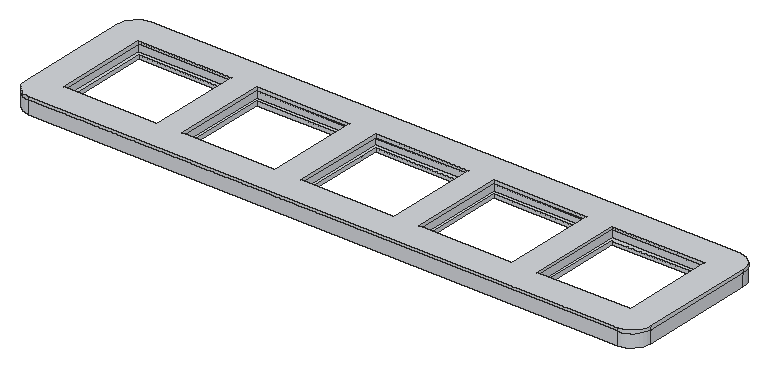
Revit family "Gira_0215421", category Electrical Fixtures, host Face, Revit 2017
Family settings
  Host = Face
  Maintain Annotation Orientation = No
  Round Connector Dimension = Use Diameter
  Part Type = Normal
  Cut with Voids When Loaded = No
  Shared = No
  Room Calculation Point = No
Parameters (values of type "Abdeckrahmen 5f Gira E3 Hellgrau/Anthrazit")
  Werkstoffgüte = "sonstige"
  Werkstoff = "sonstige"
  URL = "http://katalog.gira.de/de_DE/datenblatt.html?artikelnr=0215421"
  Transparent = "No"
  Textfeld/Beschriftungsfläche = "No"
  Schutzart (IP) = "IP20"
  Region = "DE"
  Oberfläche = "sonstige"
  Name = "Abdeckrahmen 5f Gira E3 Hellgrau/Anthrazit"
  Montagerichtung = "horizontal und vertikal"
  Mit Montagerahmen = "No"
  Mit Klappdeckel = "No"
  Manufacturer URL = "https://www.gira.de/"
  Keynote = "E3_Rahmen_5fach"
  HeinzeBIM = "https://bimportal.heinze.de/bim/abdeckrahmen-5f-gira-e3-hellgrau-anthrazit/3a1a1fc6c2af92630d6317ee3a4c1f23f9a911ea"
  Halogenfrei = "No"
  HAN = "0215421"
  Geeignet für Unterputz-Installation = "Yes"
  Geeignet für Unterflurkanaldose = "No"
  Geeignet für Geräteeinbaukanal = "No"
  Geeignet für Einbauinstallation = "No"
  GTIN = "4010337023876"
  Farbe = "grau"
  Default Elevation = 1219.2 mm
  Data sheet (1) = "https://katalog.gira.de/de_DE/download.html?artikelnr=0215421"
  Category = "Abdeckrahmen"
  Befestigungsart = "Klemmbefestigung"
  Available = "Yes"
  Anzahl der Einheiten vertikal = "5 "
  Anzahl der Einheiten horizontal = "5 "
  Anzahl der Einheiten = "5 "
Reference planes
  plane 1 "Center (Front/Back)": y = 0
  plane 2: z = 0
  plane 3 "Center (Left/Right)": x = 0
Forms (mm)
  Extrusion 1, solid, detail levels fine
    sketch origin (0, 0, 0) x (1, 0, 0) y (0, 1, 0)
      loop
        arc (-177.4, 45.809) -> (-185.185, 42.585) -> (-188.409, 34.8) r 11.009
        line (-188.409, 34.8) -> (-188.409, -34.8)
        arc (-188.409, -34.8) -> (-185.185, -42.585) -> (-177.4, -45.809) r 11.009
        line (-177.4, -45.809) -> (177.4, -45.809)
        arc (177.4, -45.809) -> (185.185, -42.585) -> (188.409, -34.8) r 11.009
        line (188.409, -34.8) -> (188.409, 34.8)
        arc (188.409, 34.8) -> (185.185, 42.585) -> (177.4, 45.809) r 11.009
        line (177.4, 45.809) -> (-177.4, 45.809)
      loop
        line (-114.5, 28.187) -> (-170.756, 28.187) -> (-170.756, -28.187) -> (-114.5, -28.187) -> (-114.5, 28.187)
      loop
        line (-99.6, 28.187) -> (-99.6, -28.187) -> (-43.344, -28.187) -> (-43.344, 28.187) -> (-99.6, 28.187)
      loop
        line (114.5, 28.187) -> (114.5, -28.187) -> (170.756, -28.187) -> (170.756, 28.187) -> (114.5, 28.187)
      loop
        line (28.301, 28.187) -> (-27.955, 28.187) -> (-27.955, -28.187) -> (28.301, -28.187) -> (28.301, 28.187)
      loop
        line (43.143, 28.187) -> (43.143, -28.187) -> (99.399, -28.187) -> (99.399, 28.187) -> (43.143, 28.187)
    from 7.65 to 9.5
  Extrusion 2, solid, detail levels fine
    sketch origin (-142.8, 0, 0) x (1, 0, 0) y (0, 1, 0)
      loop
        line (26.1, 25.7) -> (-25.7, 25.7) -> (-25.7, -25.7) -> (26.1, -25.7) -> (26.1, 25.7)
      loop
        line (-28.187, -28.156) -> (28.187, -28.156) -> (28.187, 28.156) -> (-28.187, 28.156) -> (-28.187, -28.156)
    from 1.65 to 3.9
  Extrusion 3, solid, detail levels fine
    sketch origin (0, 0, 0) x (1, 0, 0) y (0, 1, 0)
      loop
        arc (-177.4, 45.809) -> (-185.185, 42.585) -> (-188.409, 34.8) r 11.009
        line (-188.409, 34.8) -> (-188.409, -34.8)
        arc (-188.409, -34.8) -> (-185.185, -42.585) -> (-177.4, -45.809) r 11.009
        line (-177.4, -45.809) -> (177.4, -45.809)
        arc (177.4, -45.809) -> (185.185, -42.585) -> (188.409, -34.8) r 11.009
        line (188.409, -34.8) -> (188.409, 34.8)
        arc (188.409, 34.8) -> (185.185, 42.585) -> (177.4, 45.809) r 11.009
        line (177.4, 45.809) -> (-177.4, 45.809)
      loop
        line (-186.443, 34.785) -> (-186.443, -34.785)
        arc (-186.443, -34.785) -> (-183.79, -41.19) -> (-177.385, -43.843) r 9.058
        line (-177.385, -43.843) -> (177.385, -43.843)
        arc (177.385, -43.843) -> (183.79, -41.19) -> (186.443, -34.785) r 9.058
        line (186.443, -34.785) -> (186.443, 34.785)
        arc (186.443, 34.785) -> (183.79, 41.19) -> (177.385, 43.843) r 9.058
        line (177.385, 43.843) -> (-177.385, 43.843)
        arc (-177.385, 43.843) -> (-183.79, 41.19) -> (-186.443, 34.785) r 9.058
    from 0 to 7.65
  Extrusion 4, solid, detail levels fine
    sketch origin (-35.75, 0, 0) x (1, 0, 0) y (0, 1, 0)
      loop
        line (-134.256, -31.075) -> (205.755, -31.075)
        arc (205.755, -31.075) -> (208.399, -29.98) -> (209.494, -27.337) r 3.739
        line (209.494, -27.337) -> (209.494, 27.337)
        arc (209.494, 27.337) -> (208.399, 29.98) -> (205.755, 31.075) r 3.739
        line (205.755, 31.075) -> (-134.256, 31.075)
        arc (-134.256, 31.075) -> (-136.899, 29.98) -> (-137.994, 27.337) r 3.739
        line (-137.994, 27.337) -> (-137.994, -27.337)
        arc (-137.994, -27.337) -> (-136.899, -29.98) -> (-134.256, -31.075) r 3.739
      loop
        line (-136.844, 27.537) -> (-136.844, -27.537)
        arc (-136.844, -27.537) -> (-136.145, -29.226) -> (-134.456, -29.925) r 2.389
        line (-134.456, -29.925) -> (205.955, -29.925)
        arc (205.955, -29.925) -> (207.644, -29.226) -> (208.344, -27.537) r 2.389
        line (208.344, -27.537) -> (208.344, 27.537)
        arc (208.344, 27.537) -> (207.644, 29.226) -> (205.955, 29.925) r 2.389
        line (205.955, 29.925) -> (-134.456, 29.925)
        arc (-134.456, 29.925) -> (-136.145, 29.226) -> (-136.844, 27.537) r 2.389
    from 1.65 to 7.65
  Extrusion 5, solid, detail levels fine
    sketch origin (0, 0, 0) x (1, 0, 0) y (0, 1, 0)
      loop
        line (-174.653, -39.8) -> (174.653, -39.8)
        arc (174.653, -39.8) -> (180.267, -36.708) -> (182.5, -30.7) r 9.2
        line (182.5, -30.7) -> (182.5, 30.7)
        arc (182.5, 30.7) -> (179.805, 37.205) -> (173.3, 39.9) r 9.2
        line (173.3, 39.9) -> (-173.3, 39.9)
        arc (-173.3, 39.9) -> (-179.805, 37.205) -> (-182.5, 30.7) r 9.2
        line (-182.5, 30.7) -> (-182.5, -30.7)
        arc (-182.5, -30.7) -> (-180.267, -36.708) -> (-174.653, -39.8) r 9.2
      loop
        line (-173.3, -31.7) -> (173.3, -31.7)
        arc (173.3, -31.7) -> (174.007, -31.407) -> (174.3, -30.7) r 1
        line (174.3, -30.7) -> (174.3, 30.7)
        arc (174.3, 30.7) -> (174.007, 31.407) -> (173.3, 31.7) r 1
        line (173.3, 31.7) -> (-173.3, 31.7)
        arc (-173.3, 31.7) -> (-174.007, 31.407) -> (-174.3, 30.7) r 1
        line (-174.3, 30.7) -> (-174.3, -30.7)
        arc (-174.3, -30.7) -> (-174.007, -31.407) -> (-173.3, -31.7) r 1
    from 1.65 to 3.9
  Extrusion 6, solid, detail levels fine
    sketch origin (-142.8, 0, 0) x (1, 0, 0) y (0, 1, 0)
      loop
        line (-28.187, 28.156) -> (-28.187, -28.156) -> (28.187, -28.156) -> (28.187, 28.156) -> (-28.187, 28.156)
      loop
        line (-29.925, 29.925) -> (-29.925, -29.925) -> (29.925, -29.925) -> (29.925, 29.925) -> (-29.925, 29.925)
    from 1.65 to 7.65
  Extrusion 7, solid, detail levels coarse+medium
    sketch origin (0, 0, 0) x (1, 0, 0) y (0, 1, 0)
      loop
        line (-188.409, 45.809) -> (-188.409, -45.809) -> (188.409, -45.809) -> (188.409, 45.809) -> (-188.409, 45.809)
    from 0 to 9.5
  Extrusion 8, solid, detail levels fine
    sketch origin (-71.3, 0, 0) x (-1, 0, 0) y (0, -1, 0)
      loop
        line (25.9, -25.7) -> (25.9, 25.7) -> (-25.9, 25.7) -> (-25.9, -25.7) -> (25.9, -25.7)
      loop
        line (-28.187, 28.156) -> (-28.187, -28.156) -> (28.187, -28.156) -> (28.187, 28.156) -> (-28.187, 28.156)
    from 1.65 to 3.9
  Extrusion 9, solid, detail levels fine
    sketch origin (-71.3, 0, 0) x (-1, 0, 0) y (0, -1, 0)
      loop
        line (-28.187, -28.156) -> (28.187, -28.156) -> (28.187, 28.156) -> (-28.187, 28.156) -> (-28.187, -28.156)
      loop
        line (-29.925, -29.925) -> (29.925, -29.925) -> (29.925, 29.925) -> (-29.925, 29.925) -> (-29.925, -29.925)
    from 1.65 to 7.65
  Extrusion 10, solid, detail levels fine
    sketch origin (0.2, 0, 0) x (-1, 0, 0) y (0, -1, 0)
      loop
        line (26.1, -25.7) -> (26.1, 25.7) -> (-25.7, 25.7) -> (-25.7, -25.7) -> (26.1, -25.7)
      loop
        line (-28.187, 28.156) -> (-28.187, -28.156) -> (28.187, -28.156) -> (28.187, 28.156) -> (-28.187, 28.156)
    from 1.65 to 3.9
  Extrusion 11, solid, detail levels fine
    sketch origin (0.2, 0, 0) x (-1, 0, 0) y (0, -1, 0)
      loop
        line (-28.187, -28.156) -> (28.187, -28.156) -> (28.187, 28.156) -> (-28.187, 28.156) -> (-28.187, -28.156)
      loop
        line (-29.925, -29.925) -> (29.925, -29.925) -> (29.925, 29.925) -> (-29.925, 29.925) -> (-29.925, -29.925)
    from 1.65 to 7.65
  Extrusion 12, solid, detail levels fine
    sketch origin (71.5, 0, 0) x (-1, 0, 0) y (0, -1, 0)
      loop
        line (26.1, -25.7) -> (26.1, 25.7) -> (-25.7, 25.7) -> (-25.7, -25.7) -> (26.1, -25.7)
      loop
        line (-28.187, 28.156) -> (-28.187, -28.156) -> (28.187, -28.156) -> (28.187, 28.156) -> (-28.187, 28.156)
    from 1.65 to 3.9
  Extrusion 13, solid, detail levels fine
    sketch origin (71.5, 0, 0) x (-1, 0, 0) y (0, -1, 0)
      loop
        line (-28.187, -28.156) -> (28.187, -28.156) -> (28.187, 28.156) -> (-28.187, 28.156) -> (-28.187, -28.156)
      loop
        line (-29.925, -29.925) -> (29.925, -29.925) -> (29.925, 29.925) -> (-29.925, 29.925) -> (-29.925, -29.925)
    from 1.65 to 7.65
  Extrusion 14, solid, detail levels fine
    sketch origin (142.8, 0, 0) x (-1, 0, 0) y (0, -1, 0)
      loop
        line (26.1, -25.7) -> (26.1, 25.7) -> (-25.7, 25.7) -> (-25.7, -25.7) -> (26.1, -25.7)
      loop
        line (-28.187, 28.156) -> (-28.187, -28.156) -> (28.187, -28.156) -> (28.187, 28.156) -> (-28.187, 28.156)
    from 1.65 to 3.9
  Extrusion 15, solid, detail levels fine
    sketch origin (142.8, 0, 0) x (-1, 0, 0) y (0, -1, 0)
      loop
        line (-28.187, -28.156) -> (28.187, -28.156) -> (28.187, 28.156) -> (-28.187, 28.156) -> (-28.187, -28.156)
      loop
        line (-29.925, -29.925) -> (29.925, -29.925) -> (29.925, 29.925) -> (-29.925, 29.925) -> (-29.925, -29.925)
    from 1.65 to 7.65
Dimensions and locks
  aligned and locked: plane 2 to host face
  aligned and locked: level to host face
